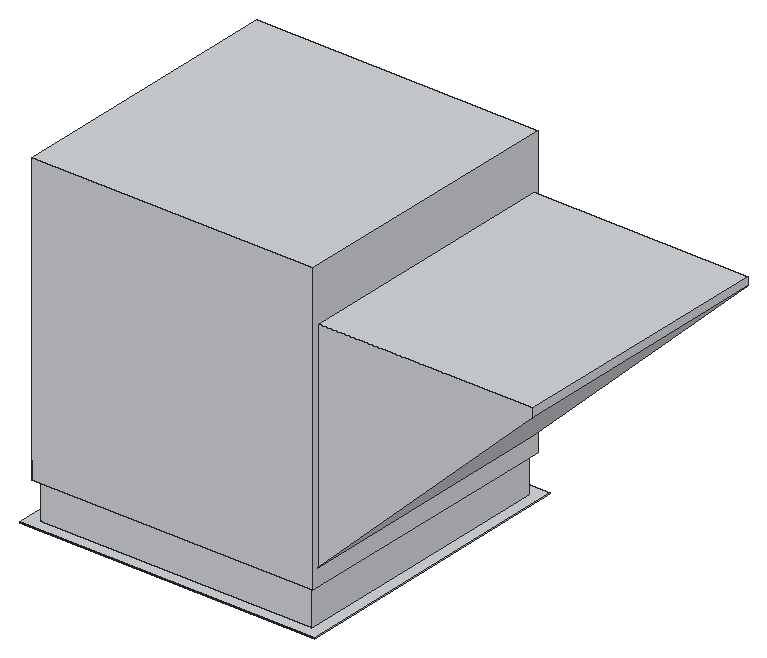
Revit family "KSP-B", category Mechanical Equipment, Revit 2019
Family settings
  Round Connector Dimension = Use Diameter
  Part Type = Normal
  Work Plane-Based = No
  Always vertical = Yes
  Cut with Voids When Loaded = No
  Shared = No
  Room Calculation Point = No
Parameters (values of type "200KSPB")
  W = 2' - 0 3/4"
  Unit Weight [instance] = ""
  T_SQ/2 = T_SQ / 2  # 2' - 0 1/16"
  T_SQ = 4' - 0 1/8"
  Sones [instance] = ""
  RO/2 = RO / 2  # 1' - 9 3/4"
  RO = 3' - 7 1/2"
  Motor RPM [instance] = ""
  Motor Enclosure [instance] = ""
  ModelID [instance] = ""
  LwA [instance] = ""
  H = 2' - 0 7/8"
  G = 0' - 3"
  Fan RPM [instance] = ""
  FILTER_H = 3' - 5 3/4"
  FILTER_W = 4' - 2"
  F = 0' - 11 11/16"
  E = 0' - 11 11/16"
  D = 3' - 0 13/16"
  C_W/2 = C_W / 2  # 1' - 11"
  C_W = 3' - 10"
  C_H = 3' - 1 7/16"
  CURB_HEIGHT [instance] = 0' - 9 1/2"
  CURB [instance] = yes
  Brake Hp [instance] = ""
  B = 4' - 1 7/16"
  Accessories [instance] = ""
  A/2 = A / 2  # 2' - 0 3/32"
  A = 4' - 0 3/16"
  4 = 0' - 4"  # constant formula
  2" = 0' - 2"  # constant formula
  0 = 0' - 0"  # constant formula
  Voltage [instance] = 0 V
  URL = "www.lorencook.com"
  Type Comments = "Filtered Kitchen Supply Packaged Ventilator Belt Drive"  # constant formula
  Static Pressure [instance] = 0.00 in-wg
  Power [instance] = Voltage * Motor FLA * sqrt(if(Phase = 3, 3, 1))  # 0 VA
  Phase [instance] = 0
  Number of Poles [instance] = 1
  Motor Hp [instance] = "0"
  Motor FLA [instance] = 0 A
  Model = "KSP-B"  # constant formula
  Manufacturer = "Loren Cook Company"
  CFM [instance] = 0 CFM
  1.5 = 0' - 1 1/2"  # constant formula
  3/4 = 0' - 0 3/4"  # constant formula
  ONE EIGTH = 0' - 0 1/8"  # constant formula
  -(C_W/2) = -(C_W / 2)  # -1' - 11"
Types (7): name | W | T_SQ/2 | T_SQ | RO/2 | RO | H | FILTER_H | FILTER_W | F | E | D | C_W/2 | C_W | C_H | B | A/2 | A | -(C_W/2)
  (no name) | 2' - 0 3/4" | 2' - 0 1/16" | 4' - 0 1/8" | 1' - 9 3/4" | 3' - 7 1/2" | 2' - 0 7/8" | 3' - 5 3/4" | 4' - 2" | 0' - 11 11/16" | 0' - 11 11/16" | 3' - 0 13/16" | 1' - 11" | 3' - 10" | 3' - 1 7/16" | 4' - 1 7/16" | 2' - 0 3/32" | 4' - 0 3/16" | -1' - 11"
  90KSPB | 0' - 11 9/16" | 1' - 0 1/16" | 2' - 0 1/8" | 0' - 9 3/4" | 1' - 7 1/2" | 0' - 10 1/8" | 1' - 10 3/4" | 1' - 5 3/4" | 0' - 7" | 0' - 6 7/32" | 1' - 5 1/4" | 0' - 9 5/8" | 1' - 7 1/4" | 1' - 6" | 2' - 0" | 1' - 0 3/32" | 2' - 0 3/16" | -0' - 9 5/8"
  100KSPB | 1' - 0 7/8" | 1' - 2 1/16" | 2' - 4 1/8" | 0' - 11 3/4" | 1' - 11 1/2" | 0' - 11 1/4" | 2' - 3" | 1' - 9 3/4" | 0' - 8 7/16" | 0' - 7 5/8" | 1' - 8 1/4" | 0' - 11 1/8" | 1' - 10 1/4" | 1' - 9" | 2' - 3" | 1' - 2 3/32" | 2' - 4 3/16" | -0' - 11 1/8"
  120KSPB | 1' - 3 3/8" | 1' - 4 1/16" | 2' - 8 1/8" | 1' - 1 3/4" | 2' - 3 1/2" | 1' - 1 5/16" | 2' - 10 3/8" | 2' - 1 3/4" | 0' - 8 3/4" | 0' - 8 3/8" | 2' - 1 5/8" | 1' - 1 1/4" | 2' - 2 1/2" | 2' - 2 3/16" | 2' - 8 1/4" | 1' - 4 3/32" | 2' - 8 3/16" | -1' - 1 1/4"
  150KSPB | 1' - 6 3/8" | 1' - 4 1/16" | 2' - 8 1/8" | 1' - 1 3/4" | 2' - 3 1/2" | 1' - 3 3/4" | 2' - 4" | 3' - 5 1/2" | 0' - 6 41/128" | 0' - 6 7/8" | 2' - 6 3/4" | 1' - 2 1/4" | 2' - 4 1/2" | 2' - 7 5/16" | 3' - 1 3/8" | 1' - 4 3/32" | 2' - 8 3/16" | -1' - 2 1/4"
  180KSPB | 1' - 9 5/8" | 1' - 6 1/16" | 3' - 0 1/8" | 1' - 3 3/4" | 2' - 7 1/2" | 1' - 6 3/4" | 2' - 5 3/4" | 3' - 11 1/4" | 0' - 5 5/16" | 0' - 7 1/4" | 2' - 10 13/16" | 1' - 3 1/8" | 2' - 6 1/4" | 2' - 11 7/16" | 3' - 5 7/16" | 1' - 6 3/32" | 3' - 0 3/16" | -1' - 3 1/8"
  200KSPB | 2' - 0 3/4" | 2' - 0 1/16" | 4' - 0 1/8" | 1' - 9 3/4" | 3' - 7 1/2" | 2' - 0 7/8" | 3' - 5 3/4" | 4' - 2" | 0' - 11 11/16" | 0' - 11 11/16" | 3' - 0 13/16" | 1' - 11" | 3' - 10" | 3' - 1 7/16" | 4' - 1 7/16" | 2' - 0 3/32" | 4' - 0 3/16" | -1' - 11"
Reference planes (in)
  plane 1 "Center (Front/Back)": y = 0
  plane 2: z = 0
  plane 3 "Center (Left/Right)": x = 0.40541
Forms (in)
  Extrusion 1, solid
    sketch origin (0, 0, 0) x (1, 0, 0) y (0, 1, 0)
      loop
        line (-23.68834, 24.09375) -> (-23.68834, -24.09375) -> (24.49916, -24.09375) -> (24.49916, 24.09375) -> (-23.68834, 24.09375)
    from 0 to 49.4375 <- "B"
  Extrusion 2, void
    sketch origin (0, 0, 0) x (1, 0, 0) y (0, 1, 0)
      loop
        line (-23.65709, 24.0625) -> (-23.65709, -24.0625) -> (24.46791, -24.0625) -> (24.46791, 24.0625) -> (-23.65709, 24.0625)
    from 0 to 3 <- "G"
  Extrusion 3, solid
    sketch origin (0, 0, 0) x (1, 0, 0) y (0, 0, 1)
      loop
        line (24.49916, 40.4375) -> (24.49916, 3) -> (61.31166, 38.9375) -> (61.31166, 40.4375) -> (24.49916, 40.4375)
    from -23 <- "-(C_W/2)" to 23 <- "C_W/2"
  Extrusion 4, void
    sketch origin (0, 0, 0) x (1, 0, 0) y (0, 1, 0)
      loop
        line (-12.00084, 12.34375) -> (-12.00084, -12.40625) -> (12.87416, -12.40625) -> (12.87416, 12.34375) -> (-12.00084, 12.34375)
    from 0 to 3.125
  Extrusion 5, void
    sketch origin (0, 0, 0) x (1, 0, 0) y (0, 1, 0)
      loop
        circle (-19.68834, -20.09375) r 0.75
    from 0 to 3.125
  Extrusion 6, solid, visible <- "CURB"
    sketch origin (0, 0, 3) x (0, 1, 0) y (1, 0, 0)
      loop
        line (21.75, -21.34459) -> (21.75, 22.15541) -> (-21.75, 22.15541) -> (-21.75, -21.34459) -> (21.75, -21.34459)
      loop
        line (-23.25, 23.65541) -> (-23.25, -22.84459) -> (23.25, -22.84459) -> (23.25, 23.65541) -> (-23.25, 23.65541)
    from 0 to 9.5 <- "CURB_HEIGHT"
  Extrusion 7, solid, visible <- "CURB"
    sketch origin (0, 0, -6.5) x (-1, 0, 0) y (0, 1, 0)
      loop
        line (22.84459, 23.25) -> (-23.65541, 23.25) -> (-23.65541, -23.25) -> (22.84459, -23.25) -> (22.84459, 23.25)
      loop
        line (-25.65541, -25.25) -> (24.84459, -25.25) -> (24.84459, 25.25) -> (-25.65541, 25.25) -> (-25.65541, -25.25)
    from 0 to -0.125
Cuts and joins
  Extrusion 2, Extrusion 4, Extrusion 5 cuts Extrusion 1
Dimensions and locks (in)
  "A": Extrusion 1 sketch curve to Extrusion 1 sketch curve  (x2)
  "A/2": plane 3 "Center (Left/Right)" to Extrusion 1 sketch curve
  "A/2": plane 1 "Center (Front/Back)" to Extrusion 1 sketch curve
  "T_SQ/2": Extrusion 2 sketch curve to plane 3 "Center (Left/Right)"
  "T_SQ": Extrusion 2 sketch curve to Extrusion 2 sketch curve  (x2)
  "T_SQ/2": plane 1 "Center (Front/Back)" to Extrusion 2 sketch curve
  "G": Extrusion 3 sketch curve to level
  "C_H": Extrusion 3 sketch curve to Extrusion 3 sketch curve
  "D": Extrusion 3 sketch curve to cut or joined group of Extrusion 1, Extrusion 2, Extrusion 4, Extrusion 5
  "0": Extrusion 3 sketch curve to cut or joined group of Extrusion 1, Extrusion 2, Extrusion 4, Extrusion 5
  "1.5": Extrusion 3 sketch curve to Extrusion 3 sketch curve
  "E": cut or joined group of Extrusion 1, Extrusion 2, Extrusion 4, Extrusion 5 to Extrusion 4 sketch curve
  "W": Extrusion 4 sketch curve to Extrusion 4 sketch curve
  "H": Extrusion 4 sketch curve to Extrusion 4 sketch curve
  "F": cut or joined group of Extrusion 1, Extrusion 2, Extrusion 4, Extrusion 5 to Extrusion 4 sketch curve
  "4": cut or joined group of Extrusion 1, Extrusion 2, Extrusion 4, Extrusion 5 to Extrusion 5 sketch curve  (x2)
  "1.5": Extrusion 6 sketch curve to Extrusion 6 sketch curve  (x4)
  "RO/2": Extrusion 6 sketch curve to plane 3 "Center (Left/Right)"
  "RO/2": plane 3 "Center (Left/Right)" to Extrusion 6 sketch curve
  "RO/2": plane 1 "Center (Front/Back)" to Extrusion 6 sketch curve
  "RO/2": Extrusion 6 sketch curve to plane 1 "Center (Front/Back)"
  "2"": Extrusion 7 sketch curve to Extrusion 7 sketch curve  (x4)
  "0": Extrusion 6 to Extrusion 7 sketch curve  (x2)
  "0": Extrusion 7 sketch curve to Extrusion 6  (x2)
  "3/4": radius of Extrusion 5 sketch curve
Connectors (in)
  hvac at (0.43666, -0.03125, 3), driven by "RO", driven by "RO"
    settings: on cut or joined group of Extrusion 1, Extrusion 2, Extrusion 4, Extrusion 5, index 1, duct flow 0 CFM, flow factor 0, pres drop 0.00 in-wg, loss coef 0, conn angle 0.00°, conn width 43 1/2", conn height 43 1/2", conn diameter 24", duct sys type 1, conn prof type 1, flow config 0, flow direction 1, loss method 0, conn ref index -1, conn util no, is conn primary yes, conn desc ""
  electrical at (-19.68834, -20.09375, 3)
    settings: on cut or joined group of Extrusion 1, Extrusion 2, Extrusion 4, Extrusion 5, index 3, voltage 0 V, apparent load 0 VA, apparent load phase1 0 VA, apparent load phase2 0 VA, apparent load phase3 0 VA, power factor 1, load classification "Other", number of poles 1, system type 14, power factor state 1, is connector primary yes, connector utility no, sub classification motor no, connector description ""
